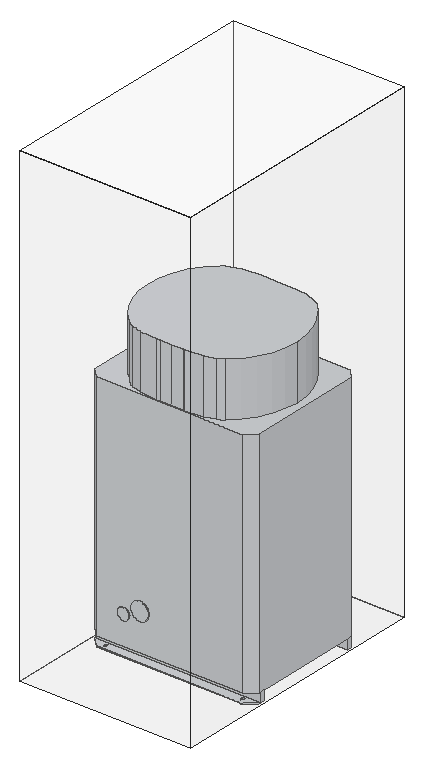
Revit family "pury-p224_1000(s)dmg9_60Hz", category 機械設備, Revit 2019
Family settings
  丸型コネクタ寸法 = 直径を使用
  パーツ タイプ = 標準
  OmniClass 番号 = 23.75.10.24.21.27.27
  OmniClass タイトル = Split System Air Conditioning Units
  作業面ベース = いいえ
  常に垂直 = はい
  ロード時にボイドで切り取り = いいえ
  共有 = いいえ
  部屋計算ポイント = いいえ
Parameters (values of type "PURY-P224DMG9_タイプA")
  風量（m3／min） = 185
  風量 = MAX風量  # 11100.0 m³/h
  音響パワーレベル(dB) = 81.5
  電源種別 = ""
  電源位置2Y（ユニット3） = 121 mm
  電源位置2Y（ユニット2） = 121 mm
  電源位置2Y（ユニット1） = 121 mm
  電源位置2X（ユニット3） = 177 mm
  電源位置2X（ユニット2） = 177 mm
  電源位置2X（ユニット1） = 177 mm
  電源位置1Z（ユニット3） = 217 mm
  電源位置1Z（ユニット2） = 217 mm
  電源位置1Z（ユニット1） = 217 mm
  電源位置1X（ユニット3） = 201 mm
  電源位置1X（ユニット2） = 201 mm
  電源位置1X（ユニット1） = 201 mm
  電圧 = 200 V
  電動機出力_送風機 = 0.92 kW
  電動機出力_圧縮機 = 4.71 kW
  集中コントローラ [instance] = ""
  運転質量 = 0.00 kg
  運転方法 = "冷暖同時"
  質量 = if(製品質量 > 運転質量, 製品質量, 運転質量) * 1.2  # 242.40 kg
  負荷分類 = 1_熱源類
  説明 = "ビル用マルチエアコン　冷暖同時R2　GR室外機"
  設計暖房能力 [instance] = 0 kW
  設計冷房能力_顕熱 [instance] = 0 kW
  設計冷房能力 [instance] = 0 kW
  設置方法 = "床置形"
  記号 [instance] = ""
  製造元 = "三菱電機株式会社"
  製品質量 = 202.00 kg
  製品出荷対象 = "国内"
  製品リリース年月 = "2024/4/26"
  製品グループ = ""
  系統 [instance] = ""
  符号 = "EHP"
  積算_科目 = "1 空気調和設備"
  積算_拾い区分 [instance] = ""
  相 = 3
  盤記号 [instance] = ""
  発停方法 = "付属スイッチ"
  特殊仕様 [instance] = ""
  消費電力_暖房 = 6.51 kW
  消費電力_冷房 = 6.49 kW
  消費電力 = if(消費電力_冷房 > 消費電力_暖房, 消費電力_冷房, 消費電力_暖房)  # 6.51 kW
  法定耐用年数 = "15"
  極数 = 3
  材質 [instance] = ""
  本体マテリアル = none
  最小電線太さ_mm2 = 8
  最大電流値 = 28.4 A
  暖房能力 = 25 kW
  推奨ブレーカー容量 = 40 A
  据付ピッチ1 = 0 mm
  形式 = "マルチパッケージ形 室外機"
  幹線記号 [instance] = ""
  始動方式 = ""
  呼称 = "マルチパッケージ形空気調和機"
  周波数 = 60 Hz
  参照している仕様書等のバージョン = "公共建築工事標準仕様書（機械設備工事編）平成31年度版"
  分類コード = "50053003300020"
  分類グループ = ""
  冷房能力 = 22.4 kW
  冷媒管（液）位置2 (ユニット3) = 146 mm
  冷媒管（液）位置2 (ユニット2) = 146 mm
  冷媒管（液）位置1 (ユニット3） = 251 mm
  冷媒管（ガス）位置2 (ユニット3) = 146 mm
  冷媒管（ガス）位置2 (ユニット2) = 146 mm
  冷媒管（ガス）位置1 (ユニット3) = 83 mm
  冷媒管（ガス）位置1 (ユニット1) = 83 mm
  冷媒管（液）位置1 (ユニット1) = 251 mm
  冷媒管（液）位置2 (ユニット1) = 146 mm
  冷媒管（ガス）位置2 (ユニット1) = 146 mm
  冷媒管（ガス）位置1 (ユニット2) = 83 mm
  冷媒管（液）位置1 (ユニット2） = 251 mm
  冷媒管長 [instance] = 0 mm
  冷媒管径符号 = "De"
  冷媒管径3 = 100.00 mm
  冷媒管径2 = 100.00 mm
  冷媒管径 = 100.00 mm
  冷媒管位置3 (ユニット3) = 262 mm
  冷媒管位置3 (ユニット2) = 262 mm
  冷媒管位置3 (ユニット1) = 262 mm
  冷媒管位置2 (ユニット3) = 146 mm
  冷媒管位置2 (ユニット2) = 146 mm
  冷媒管位置1 (ユニット2) = 292.5 mm
  冷媒管位置2 (ユニット1) = 146 mm
  冷媒管位置1 (ユニット3) = 292.5 mm
  冷媒管位置1 (ユニット1) = 292.5 mm
  冷媒液管径3 = 15.88 mm
  冷媒液管径2 = 15.88 mm
  冷媒液管径 = 15.88 mm
  冷媒ガス管径3 = 19.05 mm
  冷媒ガス管径2 = 19.05 mm
  冷媒ガス管径 = 19.05 mm
  企業コード = "108420"
  付属品 [instance] = ""
  仕様書バージョン = "Version1.0"
  ユニット隙間 = if(サービススペース_タイプA, 30 mm, 100 mm)  # 30 mm
  ユニット数 = 1
  ユニットタイプ3 = 筐体モジュール（R2標準） : 224筐体
  ユニットタイプ2 = 筐体モジュール（R2標準） : 224筐体
  ユニットタイプ1 = 筐体モジュール（R2標準） : 224筐体
  ユニット3_S = no
  ユニット3_L = no
  ユニット3 = no
  ユニット2_S = no
  ユニット2_L = no
  ユニット2 = no
  ユニット1_S = no
  ユニット1_L = no
  モデル = "PURY-P224DMG9"
  ドレン管径 = 0.00 mm
  サービススペース_タイプA = yes
  サービススペース = yes
  コメント [instance] = ""
  ケーブル種類 = ""
  アンカーボルト位置Y（ユニット3） = 681 mm
  アンカーボルト位置Y（ユニット2） = 681 mm
  アンカーボルト位置Y（ユニット1） = 681 mm
  アンカーボルト位置X（ユニット3） = 760 mm
  アンカーボルト位置X（ユニット2） = 760 mm
  アンカーボルト位置X（ユニット1） = 760 mm
  Width3 = 920 mm
  Width2 = 920 mm
  Width1 = 920 mm
  Width = if(ユニット3, Width1 + Width2 + Width3 + 2 * ユニット隙間, if(ユニット2, Width1 + Width2 + 1 * ユニット隙間, Width1))  # 920 mm
  Version = ""
  Uniclass2015Version = "Systems v1.9"
  Uniclass2015Title = "Split coil remote air cooled condensing units"
  Uniclass2015Code = "Pr_70_65_03_84"
  URL = "https://www.mitsubishielectric.co.jp/ldg/wink/ssl/displayProduct.do?pid=332014"
  SpecificationReference = ""
  SpecificationDescription = ""
  Revision = ""
  ProductInformation = ""
  OmniClassCode = "23-75 10 24 21 27 27"
  OUTLINE2 = outline : outline_S
  OUTLINE1 = outline : outline_S
  MAX風量 = 風量（m3／min） * 60.0 m³/h  # 11100.0 m³/h
  IfcTypeProduct = ""
  IfcProduct = ""
  IfcExportType = "AIRCONDITIONINGUNIT"
  IfcExportAs = "IfcUnitaryEquipmentType"
  Height = 1650 mm
  Depth = 740 mm
  Clearance Top [instance] = if(サービススペース_タイプA, 1000 mm, 1000 mm)  # 1000 mm
  Clearance Right [instance] = if(サービススペース_タイプA, 15 mm, 50 mm)  # 15 mm
  Clearance Left [instance] = if(サービススペース_タイプA, 15 mm, 50 mm)  # 15 mm
  Clearance Front [instance] = if(サービススペース_タイプA, 450 mm, 450 mm)  # 450 mm
  Clearance Back [instance] = if(サービススペース_タイプA, 300 mm, 100 mm)  # 300 mm
  COP = 0
  Author = "三菱電機株式会社"
  APF = 0
Reference planes
  plane 1 "中心(正面/背面)": y = 0
  plane 2: z = 0
  plane 3 "中心(左/右)": x = 2230
  plane 4 "右": x = 2690
  plane 5 "左": x = 1770
  plane 6 "背面": y = 370
  plane 7 "正面": y = -370
  plane 8: z = 1347
  plane 9 "上部": z = 1650
  plane 10 "Clearanse Top": z = 2650
  plane 11: x = 162.5
  plane 12 "冷媒操作弁ガス芯2": y = -224
  plane 13 "冷媒操作弁液芯2": y = -224
  plane 14 "SS_back": y = 670
  plane 15 "SS_front": y = -820
  plane 16 "SS_left": x = 1755
  plane 17 "SS_right": x = 2705
  plane 18: x = 790
  plane 19: x = 820
  plane 20: x = 1740
  plane 21: x = 1770
  plane 22: x = -130
  plane 23: x = 1112.5
  plane 24: x = 2062.5
  plane 25: x = 330
  plane 26: x = 1280
  plane 27: x = 2230
  plane 28: z = 53
  plane 29: z = 262
  plane 30: y = -224
  plane 31: z = 54
  plane 32: z = 262
  plane 33: z = 262
  plane 34: x = 997
  plane 35: x = 1947
  plane 36: x = 1021
  plane 37: x = 1971
  plane 38: y = -249
  plane 39: y = -249
  plane 40: y = -249
  plane 41: z = 217
  plane 42: z = 217
  plane 43: z = 217
Forms (mm)
  Extrusion 1, solid, detail levels fine
    sketch origin (0, -370, 0) x (1, 0, 0) y (0, 0, 1)
      loop
        circle (2062.5, 262) r 50
    from 0 to 1
  Extrusion 2, solid, visible <- "ユニット2", detail levels fine
    sketch origin (0, -370, 0) x (1, 0, 0) y (0, 0, 1)
      loop
        circle (1112.5, 262) r 50
    from 0 to 1
  Extrusion 3, solid, detail levels fine
    sketch origin (-1437.329, -1524, 54) x (-1, 0, 0) y (0, -1, 0)
      loop
        circle (-3499.829, -1300) r 50
    from 0 to -1
  Extrusion 4, solid, visible <- "ユニット2", detail levels fine
    sketch origin (-1437.329, -1524, 54) x (-1, 0, 0) y (0, -1, 0)
      loop
        circle (-2549.829, -1300) r 50
    from 0 to -1
  Extrusion 5, solid, detail levels fine
    sketch origin (-1437.329, -1524, 54) x (-1, 0, 0) y (0, -1, 0)
      loop
        circle (-3384.329, -1275) r 32.5
    from -1 to 0
  Extrusion 6, solid, visible <- "ユニット2", detail levels fine
    sketch origin (-1437.329, -1524, 54) x (-1, 0, 0) y (0, -1, 0)
      loop
        circle (-2434.329, -1275) r 32.5
    from -1 to 0
  Extrusion 7, solid, detail levels fine
    sketch origin (0, -370, 0) x (1, 0, 0) y (0, 0, 1)
      loop
        circle (1971, 217) r 32.5
    from 0 to 1
  Extrusion 8, solid, visible <- "ユニット2", detail levels fine
    sketch origin (0, -370, 0) x (1, 0, 0) y (0, 0, 1)
      loop
        circle (1021, 217) r 32.5
    from 0 to 1
Lines and regions (mm)
  model lines, not visible
    curve 1: line (460, 178.667, 1289.179) -> (460, 297.73, 1289.179)
    curve 2: line (460, 178.667, 1056.056) -> (460, 178.667, 1289.179)
    curve 3: line (460, 297.73, 1056.056) -> (460, 178.667, 1056.056)
    curve 4: line (460, 297.73, 1289.179) -> (460, 297.73, 1056.056)
    curve 5: line (460, 47.598, 1289.179) -> (460, 166.661, 1289.179)
    curve 6: line (460, 47.598, 1056.056) -> (460, 47.598, 1289.179)
    curve 7: line (460, 166.661, 1056.056) -> (460, 47.598, 1056.056)
    curve 8: line (460, 166.661, 1289.179) -> (460, 166.661, 1056.056)
    curve 9: line (460, -83.471, 1289.179) -> (460, 35.592, 1289.179)
    curve 10: line (460, -83.471, 1056.056) -> (460, -83.471, 1289.179)
    curve 11: line (460, 35.592, 1056.056) -> (460, -83.471, 1056.056)
    curve 12: line (460, 35.592, 1289.179) -> (460, 35.592, 1056.056)
    curve 13: line (460, -150.779, 1289.179) -> (460, -95.75, 1289.179)
    curve 14: line (460, -150.779, 1056.056) -> (460, -150.779, 1289.179)
    curve 15: line (460, -95.75, 1056.056) -> (460, -150.779, 1056.056)
    curve 16: line (460, -95.75, 1289.179) -> (460, -95.75, 1056.056)
    curve 17: line (460, -150.779, 1283.175) -> (460, -132.596, 1283.175)
    curve 18: line (460, -150.779, 1062.059) -> (460, -150.779, 1283.175)
    curve 19: line (460, -132.596, 1062.059) -> (460, -150.779, 1062.059)
    curve 20: line (460, -132.596, 1283.175) -> (460, -132.596, 1062.059)
    curve 21: line (460, 178.667, 1046.051) -> (460, 297.73, 1046.051)
    curve 22: line (460, 178.667, 812.928) -> (460, 178.667, 1046.051)
    curve 23: line (460, 297.73, 812.928) -> (460, 178.667, 812.928)
    curve 24: line (460, 297.73, 1046.051) -> (460, 297.73, 812.928)
    curve 25: line (460, 47.598, 1046.051) -> (460, 166.661, 1046.051)
    curve 26: line (460, 47.598, 812.928) -> (460, 47.598, 1046.051)
    curve 27: line (460, 166.661, 812.928) -> (460, 47.598, 812.928)
    curve 28: line (460, 166.661, 1046.051) -> (460, 166.661, 812.928)
    curve 29: line (460, -83.471, 1046.051) -> (460, 35.592, 1046.051)
    curve 30: line (460, -83.471, 812.928) -> (460, -83.471, 1046.051)
    curve 31: line (460, 35.592, 812.928) -> (460, -83.471, 812.928)
    curve 32: line (460, 35.592, 1046.051) -> (460, 35.592, 812.928)
    curve 33: line (460, -150.779, 1046.051) -> (460, -95.75, 1046.051)
    curve 34: line (460, -150.779, 812.928) -> (460, -150.779, 1046.051)
    curve 35: line (460, -95.75, 812.928) -> (460, -150.779, 812.928)
    curve 36: line (460, -95.75, 1046.051) -> (460, -95.75, 812.928)
    curve 37: line (460, -150.779, 1040.048) -> (460, -132.596, 1040.048)
    curve 38: line (460, -150.779, 818.931) -> (460, -150.779, 1040.048)
    curve 39: line (460, -132.596, 818.931) -> (460, -150.779, 818.931)
    curve 40: line (460, -132.596, 1040.048) -> (460, -132.596, 818.931)
    curve 41: line (460, 178.667, 802.923) -> (460, 297.73, 802.923)
    curve 42: line (460, 178.667, 569.8) -> (460, 178.667, 802.923)
    curve 43: line (460, 297.73, 569.8) -> (460, 178.667, 569.8)
    curve 44: line (460, 297.73, 802.923) -> (460, 297.73, 569.8)
    curve 45: line (460, 47.598, 802.923) -> (460, 166.661, 802.923)
    curve 46: line (460, 47.598, 569.8) -> (460, 47.598, 802.923)
    curve 47: line (460, 166.661, 569.8) -> (460, 47.598, 569.8)
    curve 48: line (460, 166.661, 802.923) -> (460, 166.661, 569.8)
    curve 49: line (460, -83.471, 802.923) -> (460, 35.592, 802.923)
    curve 50: line (460, -83.471, 569.8) -> (460, -83.471, 802.923)
    curve 51: line (460, 35.592, 569.8) -> (460, -83.471, 569.8)
    curve 52: line (460, 35.592, 802.923) -> (460, 35.592, 569.8)
    curve 53: line (460, -150.779, 802.923) -> (460, -95.75, 802.923)
    curve 54: line (460, -150.779, 569.8) -> (460, -150.779, 802.923)
    curve 55: line (460, -95.75, 569.8) -> (460, -150.779, 569.8)
    curve 56: line (460, -95.75, 802.923) -> (460, -95.75, 569.8)
    curve 57: line (460, -150.779, 796.92) -> (460, -132.596, 796.92)
    curve 58: line (460, -150.779, 575.803) -> (460, -150.779, 796.92)
    curve 59: line (460, -132.596, 575.803) -> (460, -150.779, 575.803)
    curve 60: line (460, -132.596, 796.92) -> (460, -132.596, 575.803)
    curve 61: line (460, 178.667, 559.795) -> (460, 297.73, 559.795)
    curve 62: line (460, 178.667, 326.672) -> (460, 178.667, 559.795)
    curve 63: line (460, 297.73, 326.672) -> (460, 178.667, 326.672)
    curve 64: line (460, 297.73, 559.795) -> (460, 297.73, 326.672)
    curve 65: line (460, 47.598, 559.795) -> (460, 166.661, 559.795)
    curve 66: line (460, 47.598, 326.672) -> (460, 47.598, 559.795)
    curve 67: line (460, 166.661, 326.672) -> (460, 47.598, 326.672)
    curve 68: line (460, 166.661, 559.795) -> (460, 166.661, 326.672)
    curve 69: line (460, -83.471, 559.795) -> (460, 35.592, 559.795)
    curve 70: line (460, -83.471, 326.672) -> (460, -83.471, 559.795)
    curve 71: line (460, 35.592, 326.672) -> (460, -83.471, 326.672)
    curve 72: line (460, 35.592, 559.795) -> (460, 35.592, 326.672)
    curve 73: line (460, -150.779, 559.795) -> (460, -95.75, 559.795)
    curve 74: line (460, -150.779, 326.672) -> (460, -150.779, 559.795)
    curve 75: line (460, -95.75, 326.672) -> (460, -150.779, 326.672)
    curve 76: line (460, -95.75, 559.795) -> (460, -95.75, 326.672)
    curve 77: line (460, -150.779, 553.792) -> (460, -132.596, 553.792)
    curve 78: line (460, -150.779, 332.675) -> (460, -150.779, 553.792)
    curve 79: line (460, -132.596, 332.675) -> (460, -150.779, 332.675)
    curve 80: line (460, -132.596, 553.792) -> (460, -132.596, 332.675)
    curve 81: line (460, 178.667, 316.667) -> (460, 297.73, 316.667)
    curve 82: line (460, 178.667, 83.544) -> (460, 178.667, 316.667)
    curve 83: line (460, 297.73, 83.544) -> (460, 178.667, 83.544)
    curve 84: line (460, 297.73, 316.667) -> (460, 297.73, 83.544)
    curve 85: line (460, 47.598, 316.667) -> (460, 166.661, 316.667)
    curve 86: line (460, 47.598, 83.544) -> (460, 47.598, 316.667)
    curve 87: line (460, 166.661, 83.544) -> (460, 47.598, 83.544)
    curve 88: line (460, 166.661, 316.667) -> (460, 166.661, 83.544)
    curve 89: line (460, -83.471, 316.667) -> (460, 35.592, 316.667)
    curve 90: line (460, -83.471, 83.544) -> (460, -83.471, 316.667)
    curve 91: line (460, 35.592, 83.544) -> (460, -83.471, 83.544)
    curve 92: line (460, 35.592, 316.667) -> (460, 35.592, 83.544)
    curve 93: line (460, -150.779, 316.667) -> (460, -95.75, 316.667)
    curve 94: line (460, -150.779, 83.544) -> (460, -150.779, 316.667)
    curve 95: line (460, -95.75, 83.544) -> (460, -150.779, 83.544)
    curve 96: line (460, -95.75, 316.667) -> (460, -95.75, 83.544)
    curve 97: line (460, -150.779, 310.664) -> (460, -132.596, 310.664)
    curve 98: line (460, -150.779, 89.547) -> (460, -150.779, 310.664)
    curve 99: line (460, -132.596, 89.547) -> (460, -150.779, 89.547)
    curve 100: line (460, -132.596, 310.664) -> (460, -132.596, 89.547)
Dimensions and locks
  plane 8 to level = 1347 mm
  equal spacing: plane 7 "正面", plane 1 "中心(正面/背面)", plane 6 "背面", locked at 370 each
  "Depth": plane 7 "正面" to plane 6 "背面"
  "Width": plane 5 "左" to plane 4 "右"
  equal spacing: plane 5 "左", plane 3 "中心(左/右)", plane 4 "右"
  "冷媒管位置2 (ユニット3)": plane 7 "正面" to plane 13 "冷媒操作弁液芯2"
  "冷媒管位置2 (ユニット2)": plane 7 "正面" to plane 12 "冷媒操作弁ガス芯2"
  "Clearance Left": plane 16 "SS_left" to plane 5 "左"
  "Clearance Right": plane 4 "右" to plane 17 "SS_right"
  "Clearance Back": plane 6 "背面" to plane 14 "SS_back"
  "Clearance Front": plane 15 "SS_front" to plane 7 "正面"
  "Clearance Top": plane 10 "Clearanse Top" to plane 9 "上部"
  "Height": plane 9 "上部" to plane 2
  plane 9 "上部" to plane 8 = 303 mm
  "ユニット隙間": plane 18 to plane 19
  "Width2": plane 19 to plane 20
  "ユニット隙間": plane 20 to plane 21
  "Width3": plane 22 to plane 18
  "Width1": plane 21 to plane 4 "右"
  "冷媒管位置1 (ユニット2)": plane 19 to plane 23
  "冷媒管位置1 (ユニット1)": plane 21 to plane 24
  "冷媒管位置1 (ユニット3)": plane 22 to plane 11
  equal spacing: plane 22, plane 25, plane 18
  equal spacing: plane 19, plane 26, plane 20
  equal spacing: plane 21, plane 27, plane 4 "右"
  "冷媒管位置2 (ユニット1)": plane 7 "正面" to plane 30
  plane 31 to level = 54 mm
  "冷媒管位置3 (ユニット1)": plane 29 to level
  locked: plane 31 to plane 28 at 1
  "冷媒管位置3 (ユニット2)": plane 32 to level
  "冷媒管位置3 (ユニット3)": plane 33 to level
  "電源位置2X（ユニット2）": plane 19 to plane 34
  "電源位置2X（ユニット1）": plane 21 to plane 35
  "電源位置2Y（ユニット1）": plane 7 "正面" to plane 38
  "電源位置2Y（ユニット2）": plane 7 "正面" to plane 39
  "電源位置2Y（ユニット3）": plane 7 "正面" to plane 40
  "電源位置1X（ユニット1）": plane 37 to plane 21
  "電源位置1X（ユニット2）": plane 36 to plane 19
  "電源位置1Z（ユニット1）": plane 43 to level
  "電源位置1Z（ユニット2）": plane 42 to level
  "電源位置1Z（ユニット3）": plane 41 to level
  "冷媒管径": diameter of Extrusion 1 sketch curve
  "冷媒管径2": diameter of Extrusion 2 sketch curve
  "冷媒管径": diameter of Extrusion 3 sketch curve
  "冷媒管径2": diameter of Extrusion 4 sketch curve
  radius of Extrusion 5 sketch curve = 32.5 mm
  radius of Extrusion 6 sketch curve = 32.5 mm
  radius of Extrusion 7 sketch curve = 32.5 mm
  radius of Extrusion 8 sketch curve = 32.5 mm
  aligned and locked: level to plane 2
  aligned and locked: plane 14 "SS_back" to nested 1  (x2)
  aligned and locked: plane 17 "SS_right" to nested 1
  aligned and locked: plane 16 "SS_left" to nested 1  (x2)
  aligned and locked: nested 1 to plane 17 "SS_right"
  aligned and locked: plane 15 "SS_front" to nested 1
  aligned and locked: plane 1 "中心(正面/背面)" to nested 2
  aligned and locked: plane 10 "Clearanse Top" to nested 1
  aligned and locked: nested 1 to plane 2
  aligned and locked: plane 25 to nested 2
  aligned and locked: plane 29 to Extrusion 1 sketch curve
  aligned and locked: plane 24 to Extrusion 1 sketch curve
  aligned and locked: plane 23 to Extrusion 2 sketch curve
  aligned and locked: plane 30 to Extrusion 3 sketch curve
  aligned and locked: plane 24 to Extrusion 3 sketch curve
  aligned and locked: plane 12 "冷媒操作弁ガス芯2" to Extrusion 4 sketch curve
  aligned and locked: plane 23 to Extrusion 4 sketch curve
  aligned and locked: plane 32 to Extrusion 2 sketch curve
  aligned and locked: plane 35 to Extrusion 5 sketch curve
  aligned and locked: plane 38 to Extrusion 5 sketch curve
  aligned and locked: plane 34 to Extrusion 6 sketch curve
  aligned and locked: plane 39 to Extrusion 6 sketch curve
  aligned and locked: plane 31 to Extrusion 5
  aligned and locked: Extrusion 5 to plane 28
  aligned and locked: plane 31 to Extrusion 6
  aligned and locked: Extrusion 6 to plane 28
  aligned and locked: plane 37 to Extrusion 7 sketch curve
  aligned and locked: plane 43 to Extrusion 7 sketch curve
  aligned and locked: plane 36 to Extrusion 8 sketch curve
  aligned and locked: plane 42 to Extrusion 8 sketch curve
  aligned and locked: Extrusion 7 to plane 7 "正面"
  aligned and locked: Extrusion 7 to Extrusion 1
  aligned and locked: Extrusion 8 to plane 7 "正面"
  aligned and locked: Extrusion 8 to Extrusion 2
  aligned and locked: plane 27 to nested 4
  aligned and locked: plane 26 to nested 5
  aligned and locked: plane 27 to nested 6
  aligned and locked: plane 26 to nested 3
Nested families
  nested 1: "サービススペース" at (2230, -75, 1325), visible <- "サービススペース", type "サービススペース"
    with Width 950 mm, Height 2650 mm, Depth 1490 mm
  nested 2: "筐体モジュール（R2標準）" at (330, 0, 0), 冷媒ガス管径 <- "冷媒ガス管径3", 冷媒液管径 <- "冷媒液管径3", Width <- "Width3", Depth <- "Depth", Height <- "Height", type <- "ユニットタイプ3", 冷媒管径 <- "冷媒管径3", 冷媒管径_Z <- "冷媒管位置3 (ユニット3)", ユニット2 <- "ユニット3", type "224筐体"
    with 冷媒管径_Z 262 mm, 冷媒管径_Y 146 mm, 冷媒管径_X 292.5 mm, 冷媒管径 100 mm, 冷媒液管径 15.88 mm, 冷媒液_Z 262 mm, 冷媒液_Y 146 mm, 冷媒ガス管径 19.05 mm, 冷媒ガス_Z 262 mm, 冷媒ガス_Y 146 mm, ユニット234X no, ユニット2 no, Width 920 mm, Height 1650 mm, Depth 740 mm
  nested 3: "筐体モジュール（R2標準）" at (1280, 0, 0), type <- "ユニットタイプ2", ユニット2 <- "ユニット2", Width <- "Width2", 冷媒管径_X <- "冷媒管位置1 (ユニット2)", 冷媒ガス管径 <- "冷媒ガス管径2", 冷媒液管径 <- "冷媒液管径2", type "224筐体"
    with 冷媒管径_Z 262 mm, 冷媒管径_Y 146 mm, 冷媒管径_X 292.5 mm, 冷媒管径 100 mm, 冷媒液管径 15.88 mm, 冷媒液_Z 262 mm, 冷媒液_Y 146 mm, 冷媒ガス管径 19.05 mm, 冷媒ガス_Z 262 mm, 冷媒ガス_Y 146 mm, ユニット234X no, ユニット2 no, Width 920 mm, Height 1650 mm, Depth 740 mm
  nested 4: "outline" at (2230, 0, 0), type <- "OUTLINE1", type "outline_S", detail levels coarse+medium
    with ユニット4X no, ユニット2 yes, Width 920 mm, Height 1650 mm, Depth 740 mm
  nested 5: "outline" at (1280, 0, 0), type <- "OUTLINE2", ユニット2 <- "ユニット2", type "outline_S", not visible, detail levels fine
    with ユニット4X no, ユニット2 no, Width 920 mm, Height 1650 mm, Depth 740 mm
  nested 6: "筐体モジュール（R2標準）" at (2230, 0, 0), Width <- "Width1", 冷媒管径_X <- "冷媒管位置1 (ユニット1)", type <- "ユニットタイプ1", 冷媒液管径 <- "冷媒液管径", 冷媒ガス管径 <- "冷媒ガス管径", type "224筐体"
    with 冷媒管径_Z 262 mm, 冷媒管径_Y 146 mm, 冷媒管径_X 292.5 mm, 冷媒管径 100 mm, 冷媒液管径 15.88 mm, 冷媒液_Z 262 mm, 冷媒液_Y 146 mm, 冷媒ガス管径 19.05 mm, 冷媒ガス_Z 262 mm, 冷媒ガス_Y 146 mm, ユニット234X yes, ユニット2 yes, Width 920 mm, Height 1650 mm, Depth 740 mm
Connectors
  piping at (2062.5, -224, 53), diameter 100, driven by "冷媒管径", driven by "冷媒管径符号"
    settings: on Extrusion 3, index 7, connector inside diameter 609.60 mm, connector length 0 mm, flow factor 0, pipe flow 0.0 L/s, pressure drop 0.0 Pa, fitting loss kfactor 0, connector angle 0.00°, fixture units 0, engagement length 0 mm, angle of deflection 0.00°, flow configuration 1, flow direction 2, fitting loss method 4, system type 7, joint type 0, gender type 0, connector reference index -1, connector utility 0, adjustable connector no, is connector primary yes, connector description "De"
  piping at (1112.5, -224, 53), diameter 100, driven by "冷媒管径2", driven by "冷媒管径符号"
    settings: on Extrusion 4, index 8, connector inside diameter 609.60 mm, connector length 0 mm, flow factor 0, pipe flow 0.0 L/s, pressure drop 0.0 Pa, fitting loss kfactor 0, connector angle 0.00°, fixture units 0, engagement length 0 mm, angle of deflection 0.00°, flow configuration 1, flow direction 2, fitting loss method 4, system type 7, joint type 0, gender type 0, connector reference index -1, connector utility 0, adjustable connector no, is connector primary no, connector description "De"
  piping at (1112.5, -371, 262), diameter 100, driven by "冷媒管径2", driven by "冷媒管径符号"
    settings: on Extrusion 2, index 10, connector inside diameter 609.60 mm, connector length 0 mm, flow factor 0, pipe flow 0.0 L/s, pressure drop 0.0 Pa, fitting loss kfactor 0, connector angle 0.00°, fixture units 0, engagement length 0 mm, angle of deflection 0.00°, flow configuration 1, flow direction 2, fitting loss method 4, system type 7, joint type 0, gender type 0, connector reference index -1, connector utility 0, adjustable connector no, is connector primary no, connector description "De"
  piping at (2062.5, -371, 262), diameter 100, driven by "冷媒管径", driven by "冷媒管径符号"
    settings: on Extrusion 1, index 11, connector inside diameter 609.60 mm, connector length 0 mm, flow factor 0, pipe flow 0.0 L/s, pressure drop 0.0 Pa, fitting loss kfactor 0, connector angle 0.00°, fixture units 0, engagement length 0 mm, angle of deflection 0.00°, flow configuration 1, flow direction 2, fitting loss method 4, system type 7, joint type 0, gender type 0, connector reference index -1, connector utility 0, adjustable connector no, is connector primary no, connector description "De"
  electrical at (1971, -371, 217), driven by "極数", driven by "電圧", driven by "消費電力", driven by "負荷分類"
    settings: on Extrusion 7, index 12, voltage 200 V, apparent load 6510 VA, apparent load phase1 0 VA, apparent load phase2 0 VA, apparent load phase3 0 VA, power factor 1, load classification "1_熱源類", number of poles 3, system type 30, power factor state 1, is connector primary yes, connector utility no, sub classification motor no, connector description ""
  electrical at (1021, -371, 217), driven by "極数", driven by "電圧", driven by "消費電力", driven by "負荷分類"
    settings: on Extrusion 8, index 13, voltage 200 V, apparent load 6510 VA, apparent load phase1 0 VA, apparent load phase2 0 VA, apparent load phase3 0 VA, power factor 1, load classification "1_熱源類", number of poles 3, system type 30, power factor state 1, is connector primary no, connector utility no, sub classification motor no, connector description ""
  electrical at (1947, -249, 53), driven by "極数", driven by "電圧", driven by "消費電力", driven by "負荷分類"
    settings: on Extrusion 5, index 14, voltage 200 V, apparent load 6510 VA, apparent load phase1 0 VA, apparent load phase2 0 VA, apparent load phase3 0 VA, power factor 1, load classification "1_熱源類", number of poles 3, system type 30, power factor state 1, is connector primary no, connector utility no, sub classification motor no, connector description ""
  electrical at (997, -249, 53), driven by "極数", driven by "電圧", driven by "消費電力", driven by "負荷分類"
    settings: on Extrusion 6, index 15, voltage 200 V, apparent load 6510 VA, apparent load phase1 0 VA, apparent load phase2 0 VA, apparent load phase3 0 VA, power factor 1, load classification "1_熱源類", number of poles 3, system type 30, power factor state 1, is connector primary no, connector utility no, sub classification motor no, connector description ""
Definition of nested family "サービススペース"
  Parameters (values of type "サービススペース")
    Width [instance] = 500 mm
    Height [instance] = 500 mm
    Depth [instance] = 500 mm
  Reference planes
    plane 1 "中心(正面/背面)": y = 0
    plane 2: z = 0
    plane 3 "中心(左/右)": x = 0
    plane 4: y = -250
    plane 5: x = 250
    plane 6: y = 250
    plane 7: x = -250
    plane 8: z = 250
    plane 9: z = -250
  Forms (mm)
    Extrusion 1, solid
      sketch origin (-638.939, 0, 72.39) x (1, 0, 0) y (0, 1, 0)
        loop
          line (388.939, 250) -> (388.939, -250) -> (888.939, -250) -> (888.939, 250) -> (388.939, 250)
      from -322.39 to 177.61
  Lines and regions (mm)
    symbolic lines
      curve 1: line (-250, 0, 250) -> (250, 0, 250)
      curve 2: line (-250, 0, -250) -> (-250, 0, 250)
      curve 3: line (250, 0, -250) -> (-250, 0, -250)
      curve 4: line (250, 0, 250) -> (250, 0, -250)
      curve 5: line (0, -250, 250) -> (0, 250, 250)
      curve 6: line (0, -250, -250) -> (0, -250, 250)
      curve 7: line (0, 250, -250) -> (0, -250, -250)
      curve 8: line (0, 250, 250) -> (0, 250, -250)
      curve 9: line (-250, 250, 0) -> (250, 250, 0)
      curve 10: line (-250, -250, 0) -> (-250, 250, 0)
      curve 11: line (250, -250, 0) -> (-250, -250, 0)
      curve 12: line (250, 250, 0) -> (250, -250, 0)
  Dimensions and locks
    equal spacing: plane 7, plane 3 "中心(左/右)", plane 5
    equal spacing: plane 4, plane 1 "中心(正面/背面)", plane 6
    "Depth": plane 4 to plane 6
    "Width": plane 7 to plane 5
    equal spacing: plane 8, plane 2, plane 9
    "Height": plane 8 to plane 9
    aligned and locked: plane 9 to curve 3
    aligned and locked: plane 7 to curve 2
    aligned and locked: curve 4 to plane 5
    aligned and locked: plane 5 to Extrusion 1
    aligned and locked: Extrusion 1 to plane 7
    aligned and locked: Extrusion 1 to plane 9
    aligned and locked: plane 8 to Extrusion 1
    aligned and locked: plane 9 to curve 7
  Automatic sketch dimensions
    plane 4 to Extrusion 1 sketch curve = 0 mm
    Extrusion 1 sketch curve to plane 7 = 0 mm
    Extrusion 1 sketch curve to plane 5 = 0 mm
    plane 6 to Extrusion 1 sketch curve = 0 mm
    curve 2 to plane 8 = 0 mm
    plane 4 to curve 11 = 0 mm
    curve 11 to plane 7 = 0 mm
    curve 11 to plane 5 = 0 mm
    plane 6 to curve 10 = 0 mm
    curve 7 to plane 4 = 0 mm
    curve 7 to plane 6 = 0 mm
    curve 6 to plane 8 = 0 mm
Definition of nested family "筐体モジュール（R2標準）"
  Parameters (values of type "280筐体")
    冷媒管径_Z [instance] = 262 mm
    冷媒管径_Y [instance] = 146 mm
    冷媒管径_X [instance] = 292.5 mm
    冷媒管径 [instance] = 100 mm
    冷媒液管径 [instance] = 19.05 mm
    冷媒液_Z [instance] = 262 mm
    冷媒液_Y [instance] = 146 mm
    冷媒液_X = 251 mm
    冷媒ガス管径 [instance] = 22.2 mm
    冷媒ガス_Z [instance] = 262 mm
    冷媒ガス_Y [instance] = 146 mm
    冷媒ガス_X = 83 mm
    ユニット234X [instance] = and(ユニット2, or(Width = 920 mm, Width = 1220 mm))  # yes
    ユニット2 [instance] = yes
    Width [instance] = 920 mm
    W = 920 mm
    Height [instance] = 1650 mm
    Depth [instance] = 740 mm
  Types (4, lengths in mm): name | 冷媒管径_X | 冷媒液管径 | 冷媒液_X | 冷媒ガス管径 | Width | W
    335筐体 | 342.5 | 19.05 | 301 | 22.2 | 1220 | 1220
    224筐体 | 292.5 | 15.88 | 251 | 19.05 | 920 | 920
    280筐体 | 292.5 | 19.05 | 251 | 22.2 | 920 | 920
    400筐体 | 342.5 | 19.05 | 301 | 25.4 | 1220 | 1220
  Reference planes
    plane 1 "中心(正面/背面)": y = 0
    plane 2: z = 0
    plane 3 "中心(左/右)": x = 0
    plane 4: y = -370
    plane 5: x = 460
    plane 6: y = 370
    plane 7: x = -460
    plane 8: z = 1347
    plane 9: z = 1650
    plane 10: y = -313
    plane 11: y = -293
    plane 12 "本体下部": z = 54
    plane 13: y = 370
    plane 14: y = 313
    plane 15: y = 293
    plane 16: y = 340.5
    plane 17: x = -380
    plane 18: x = 380
    plane 19: y = -340.5
    plane 20 "電源高さ": z = 262
    plane 21: x = -167.5
    plane 22 "冷媒操作弁液芯1": x = -209
    plane 23 "冷媒操作弁ガス芯1": x = -126
    plane 24 "冷媒管高さ": z = 262
    plane 25 "冷媒操作弁ガス芯4": z = 53
    plane 26: x = -460
    plane 27: x = 460
    plane 28: y = -224
    plane 29: y = -224
    plane 30: z = 262
    plane 31: y = -224
  Forms (mm)
    Extrusion 1, solid, visible <- "ユニット234X", detail levels fine
      sketch origin (0, 0, 0) x (1, 0, 0) y (0, 1, 0)
        loop
          line (-408.343, 370) -> (-460, 318.843) -> (-460, -318.843) -> (-408.343, -370) -> (408.343, -370) -> (460, -318.843) -> (460, 318.843) -> (408.343, 370) -> (-408.343, 370)
      from 54 to 1347
    Extrusion 2, solid, visible <- "ユニット234X", detail levels fine
      sketch origin (0, 0, 0) x (1, 0, 0) y (0, 1, 0)
        loop
          line (-460, -293) -> (-460, -313) -> (460, -313) -> (460, -293) -> (-460, -293)
      from 0 to 54
    Extrusion 3, solid, visible <- "ユニット234X", detail levels fine
      sketch origin (0, 0, 0) x (1, 0, 0) y (0, 1, 0)
        loop
          line (-460, 293) -> (460, 293) -> (460, 313) -> (-460, 313) -> (-460, 293)
      from 0 to 54
    Extrusion 4, solid, visible <- "ユニット234X", detail levels fine
      sketch origin (0, 0, 0) x (1, 0, 0) y (0, 1, 0)
        loop
          line (-460, 313) -> (460, 313) -> (460, 318.843) -> (408.343, 370) -> (-408.343, 370) -> (-460, 318.843) -> (-460, 313)
        loop
          arc (-373, 343.5) -> (-380, 350.5) -> (-387, 343.5) r 7
          line (-387, 343.5) -> (-387, 337.5)
          arc (-387, 337.5) -> (-380, 330.5) -> (-373, 337.5) r 7
          line (-373, 337.5) -> (-373, 343.5)
        loop
          arc (387, 343.5) -> (380, 350.5) -> (373, 343.5) r 7
          line (373, 343.5) -> (373, 337.5)
          arc (373, 337.5) -> (380, 330.5) -> (387, 337.5) r 7
          line (387, 337.5) -> (387, 343.5)
      from 0 to 2
    Extrusion 5, solid, visible <- "ユニット234X", detail levels fine
      sketch origin (0, 0, 0) x (1, 0, 0) y (0, 1, 0)
        loop
          line (-460, -313) -> (-460, -318.843) -> (-408.343, -370) -> (408.343, -370) -> (460, -318.843) -> (460, -313) -> (-460, -313)
        loop
          line (-373, -343.5) -> (-373, -337.5)
          arc (-373, -337.5) -> (-380, -330.5) -> (-387, -337.5) r 7
          line (-387, -337.5) -> (-387, -343.5)
          arc (-387, -343.5) -> (-380, -350.5) -> (-373, -343.5) r 7
        loop
          line (387, -343.5) -> (387, -337.5)
          arc (387, -337.5) -> (380, -330.5) -> (373, -337.5) r 7
          line (373, -337.5) -> (373, -343.5)
          arc (373, -343.5) -> (380, -350.5) -> (387, -343.5) r 7
      from 0 to 2
    Extrusion 6, solid, visible <- "ユニット234X", detail levels fine
      sketch origin (0, 0, 0) x (1, 0, 0) y (0, 1, 0)
        loop
          arc (-268.081, 316.106) -> (-376.101, 174.18) -> (-414.476, 0) r 414.476
          arc (-414.476, 0) -> (-376.101, -174.18) -> (-268.081, -316.106) r 414.476
          arc (-268.081, -316.106) -> (-250.84, -327.278) -> (-232.369, -336.274) r 168.924
          arc (-232.369, -336.274) -> (-204.68, -346.28) -> (-176.163, -353.601) r 308.609
          arc (-176.163, -353.601) -> (-128.058, -361) -> (-79.445, -363.367) r 468.429
          arc (-79.445, -363.367) -> (-71.906, -363.425) -> (-64.372, -363.142) r 167.153
          line (-64.372, -363.142) -> (0, -363.142) -> (64.372, -363.142)
          arc (64.372, -363.142) -> (71.906, -363.425) -> (79.445, -363.367) r 167.153
          arc (79.445, -363.367) -> (128.058, -361) -> (176.163, -353.601) r 468.429
          arc (176.163, -353.601) -> (204.68, -346.28) -> (232.369, -336.274) r 308.609
          arc (232.369, -336.274) -> (250.84, -327.278) -> (268.081, -316.106) r 168.924
          arc (268.081, -316.106) -> (376.101, -174.18) -> (414.476, 0) r 414.476
          arc (414.476, 0) -> (376.101, 174.18) -> (268.082, 316.106) r 414.476
          arc (268.082, 316.106) -> (250.84, 327.278) -> (232.369, 336.274) r 168.924
          arc (232.369, 336.274) -> (204.68, 346.28) -> (176.163, 353.601) r 308.609
          arc (176.163, 353.601) -> (128.058, 361) -> (79.445, 363.367) r 468.429
          line (79.445, 363.367) -> (0, 363.367) -> (-79.445, 363.367)
          arc (-79.445, 363.367) -> (-128.058, 361) -> (-176.163, 353.601) r 468.429
          arc (-176.163, 353.601) -> (-204.68, 346.28) -> (-232.369, 336.274) r 308.609
          arc (-232.369, 336.274) -> (-250.974, 327.516) -> (-268.081, 316.106) r 138.853
      from 1347 to 1650
    Extrusion 7, solid, visible <- "ユニット234X", detail levels fine
      sketch origin (0, 0, 0) x (1, 0, 0) y (0, 1, 0)
        loop
          circle (-167.5, -224) r 50
      from 53 to 54
    Extrusion 8, solid, visible <- "ユニット234X", detail levels fine
      sketch origin (0, 0, 0) x (1, 0, 0) y (0, 1, 0)
        loop
          circle (-209, -224) r 9.525
      from 53 to 54
    Extrusion 9, solid, visible <- "ユニット234X", detail levels fine
      sketch origin (0, 0, 0) x (1, 0, 0) y (0, 1, 0)
        loop
          circle (-126, -224) r 11.1
      from 53 to 54
  Lines and regions (mm)
    Masking region 1, visible <- "ユニット234X", detail levels coarse+medium
      outline origin (0, 0, 0) x (1, 0, 0) y (0, 1, 0)
        loop
          line (-408.343, 370) -> (-460, 318.843) -> (-460, -318.843) -> (-408.343, -370) -> (408.343, -370) -> (460, -318.843) -> (460, 318.843) -> (408.343, 370) -> (-408.343, 370)
    model lines, visible <- "ユニット234X", detail levels fine
      curve 1: line (460, 178.667, 1289.179) -> (460, 297.73, 1289.179)
      curve 2: line (460, 178.667, 1056.056) -> (460, 178.667, 1289.179)
      curve 3: line (460, 297.73, 1056.056) -> (460, 178.667, 1056.056)
      curve 4: line (460, 297.73, 1289.179) -> (460, 297.73, 1056.056)
      curve 5: line (460, 47.598, 1289.179) -> (460, 166.661, 1289.179)
      curve 6: line (460, 47.598, 1056.056) -> (460, 47.598, 1289.179)
      curve 7: line (460, 166.661, 1056.056) -> (460, 47.598, 1056.056)
      curve 8: line (460, 166.661, 1289.179) -> (460, 166.661, 1056.056)
      curve 9: line (460, -83.471, 1289.179) -> (460, 35.592, 1289.179)
      curve 10: line (460, -83.471, 1056.056) -> (460, -83.471, 1289.179)
      curve 11: line (460, 35.592, 1056.056) -> (460, -83.471, 1056.056)
      curve 12: line (460, 35.592, 1289.179) -> (460, 35.592, 1056.056)
      curve 13: line (460, -150.779, 1289.179) -> (460, -95.75, 1289.179)
      curve 14: line (460, -150.779, 1056.056) -> (460, -150.779, 1289.179)
      curve 15: line (460, -95.75, 1056.056) -> (460, -150.779, 1056.056)
      curve 16: line (460, -95.75, 1289.179) -> (460, -95.75, 1056.056)
      curve 17: line (460, -150.779, 1283.175) -> (460, -132.596, 1283.175)
      curve 18: line (460, -150.779, 1062.059) -> (460, -150.779, 1283.175)
      curve 19: line (460, -132.596, 1062.059) -> (460, -150.779, 1062.059)
      curve 20: line (460, -132.596, 1283.175) -> (460, -132.596, 1062.059)
      curve 21: line (460, 178.667, 1046.051) -> (460, 297.73, 1046.051)
      curve 22: line (460, 178.667, 812.928) -> (460, 178.667, 1046.051)
      curve 23: line (460, 297.73, 812.928) -> (460, 178.667, 812.928)
      curve 24: line (460, 297.73, 1046.051) -> (460, 297.73, 812.928)
      curve 25: line (460, 47.598, 1046.051) -> (460, 166.661, 1046.051)
      curve 26: line (460, 47.598, 812.928) -> (460, 47.598, 1046.051)
      curve 27: line (460, 166.661, 812.928) -> (460, 47.598, 812.928)
      curve 28: line (460, 166.661, 1046.051) -> (460, 166.661, 812.928)
      curve 29: line (460, -83.471, 1046.051) -> (460, 35.592, 1046.051)
      curve 30: line (460, -83.471, 812.928) -> (460, -83.471, 1046.051)
      curve 31: line (460, 35.592, 812.928) -> (460, -83.471, 812.928)
      curve 32: line (460, 35.592, 1046.051) -> (460, 35.592, 812.928)
      curve 33: line (460, -150.779, 1046.051) -> (460, -95.75, 1046.051)
      curve 34: line (460, -150.779, 812.928) -> (460, -150.779, 1046.051)
      curve 35: line (460, -95.75, 812.928) -> (460, -150.779, 812.928)
      curve 36: line (460, -95.75, 1046.051) -> (460, -95.75, 812.928)
      curve 37: line (460, -150.779, 1040.048) -> (460, -132.596, 1040.048)
      curve 38: line (460, -150.779, 818.931) -> (460, -150.779, 1040.048)
      curve 39: line (460, -132.596, 818.931) -> (460, -150.779, 818.931)
      curve 40: line (460, -132.596, 1040.048) -> (460, -132.596, 818.931)
      curve 41: line (460, 178.667, 802.923) -> (460, 297.73, 802.923)
      curve 42: line (460, 178.667, 569.8) -> (460, 178.667, 802.923)
      curve 43: line (460, 297.73, 569.8) -> (460, 178.667, 569.8)
      curve 44: line (460, 297.73, 802.923) -> (460, 297.73, 569.8)
      curve 45: line (460, 47.598, 802.923) -> (460, 166.661, 802.923)
      curve 46: line (460, 47.598, 569.8) -> (460, 47.598, 802.923)
      curve 47: line (460, 166.661, 569.8) -> (460, 47.598, 569.8)
      curve 48: line (460, 166.661, 802.923) -> (460, 166.661, 569.8)
      curve 49: line (460, -83.471, 802.923) -> (460, 35.592, 802.923)
      curve 50: line (460, -83.471, 569.8) -> (460, -83.471, 802.923)
      curve 51: line (460, 35.592, 569.8) -> (460, -83.471, 569.8)
      curve 52: line (460, 35.592, 802.923) -> (460, 35.592, 569.8)
      curve 53: line (460, -150.779, 802.923) -> (460, -95.75, 802.923)
      curve 54: line (460, -150.779, 569.8) -> (460, -150.779, 802.923)
      curve 55: line (460, -95.75, 569.8) -> (460, -150.779, 569.8)
      curve 56: line (460, -95.75, 802.923) -> (460, -95.75, 569.8)
      curve 57: line (460, -150.779, 796.92) -> (460, -132.596, 796.92)
      curve 58: line (460, -150.779, 575.803) -> (460, -150.779, 796.92)
      curve 59: line (460, -132.596, 575.803) -> (460, -150.779, 575.803)
      curve 60: line (460, -132.596, 796.92) -> (460, -132.596, 575.803)
      curve 61: line (460, 178.667, 559.795) -> (460, 297.73, 559.795)
      curve 62: line (460, 178.667, 326.672) -> (460, 178.667, 559.795)
      curve 63: line (460, 297.73, 326.672) -> (460, 178.667, 326.672)
      curve 64: line (460, 297.73, 559.795) -> (460, 297.73, 326.672)
      curve 65: line (460, 47.598, 559.795) -> (460, 166.661, 559.795)
      curve 66: line (460, 47.598, 326.672) -> (460, 47.598, 559.795)
      curve 67: line (460, 166.661, 326.672) -> (460, 47.598, 326.672)
      curve 68: line (460, 166.661, 559.795) -> (460, 166.661, 326.672)
      curve 69: line (460, -83.471, 559.795) -> (460, 35.592, 559.795)
      curve 70: line (460, -83.471, 326.672) -> (460, -83.471, 559.795)
      curve 71: line (460, 35.592, 326.672) -> (460, -83.471, 326.672)
      curve 72: line (460, 35.592, 559.795) -> (460, 35.592, 326.672)
      curve 73: line (460, -150.779, 559.795) -> (460, -95.75, 559.795)
      curve 74: line (460, -150.779, 326.672) -> (460, -150.779, 559.795)
      curve 75: line (460, -95.75, 326.672) -> (460, -150.779, 326.672)
      curve 76: line (460, -95.75, 559.795) -> (460, -95.75, 326.672)
      curve 77: line (460, -150.779, 553.792) -> (460, -132.596, 553.792)
      curve 78: line (460, -150.779, 332.675) -> (460, -150.779, 553.792)
      curve 79: line (460, -132.596, 332.675) -> (460, -150.779, 332.675)
      curve 80: line (460, -132.596, 553.792) -> (460, -132.596, 332.675)
      curve 81: line (460, 178.667, 316.667) -> (460, 297.73, 316.667)
      curve 82: line (460, 178.667, 83.544) -> (460, 178.667, 316.667)
      curve 83: line (460, 297.73, 83.544) -> (460, 178.667, 83.544)
      curve 84: line (460, 297.73, 316.667) -> (460, 297.73, 83.544)
      curve 85: line (460, 47.598, 316.667) -> (460, 166.661, 316.667)
      curve 86: line (460, 47.598, 83.544) -> (460, 47.598, 316.667)
      curve 87: line (460, 166.661, 83.544) -> (460, 47.598, 83.544)
      curve 88: line (460, 166.661, 316.667) -> (460, 166.661, 83.544)
      curve 89: line (460, -83.471, 316.667) -> (460, 35.592, 316.667)
      curve 90: line (460, -83.471, 83.544) -> (460, -83.471, 316.667)
      curve 91: line (460, 35.592, 83.544) -> (460, -83.471, 83.544)
      curve 92: line (460, 35.592, 316.667) -> (460, 35.592, 83.544)
      curve 93: line (460, -150.779, 316.667) -> (460, -95.75, 316.667)
      curve 94: line (460, -150.779, 83.544) -> (460, -150.779, 316.667)
      curve 95: line (460, -95.75, 83.544) -> (460, -150.779, 83.544)
      curve 96: line (460, -95.75, 316.667) -> (460, -95.75, 83.544)
      curve 97: line (460, -150.779, 310.664) -> (460, -132.596, 310.664)
      curve 98: line (460, -150.779, 89.547) -> (460, -150.779, 310.664)
      curve 99: line (460, -132.596, 89.547) -> (460, -150.779, 89.547)
      curve 100: line (460, -132.596, 310.664) -> (460, -132.596, 89.547)
      curve 101: line (-460, 178.667, 1289.179) -> (-460, 297.73, 1289.179)
      curve 102: line (-460, 178.667, 1056.056) -> (-460, 178.667, 1289.179)
      curve 103: line (-460, 297.73, 1056.056) -> (-460, 178.667, 1056.056)
      curve 104: line (-460, 297.73, 1289.179) -> (-460, 297.73, 1056.056)
      curve 105: line (-460, 47.598, 1289.179) -> (-460, 166.661, 1289.179)
      curve 106: line (-460, 47.598, 1056.056) -> (-460, 47.598, 1289.179)
      curve 107: line (-460, 166.661, 1056.056) -> (-460, 47.598, 1056.056)
      curve 108: line (-460, 166.661, 1289.179) -> (-460, 166.661, 1056.056)
      curve 109: line (-460, -83.471, 1289.179) -> (-460, 35.592, 1289.179)
      curve 110: line (-460, -83.471, 1056.056) -> (-460, -83.471, 1289.179)
      curve 111: line (-460, 35.592, 1056.056) -> (-460, -83.471, 1056.056)
      curve 112: line (-460, 35.592, 1289.179) -> (-460, 35.592, 1056.056)
      curve 113: line (-460, -150.779, 1289.179) -> (-460, -95.75, 1289.179)
      curve 114: line (-460, -150.779, 1056.056) -> (-460, -150.779, 1289.179)
      curve 115: line (-460, -95.75, 1056.056) -> (-460, -150.779, 1056.056)
      curve 116: line (-460, -95.75, 1289.179) -> (-460, -95.75, 1056.056)
      curve 117: line (-460, -150.779, 1283.175) -> (-460, -132.596, 1283.175)
      curve 118: line (-460, -150.779, 1062.059) -> (-460, -150.779, 1283.175)
      curve 119: line (-460, -132.596, 1062.059) -> (-460, -150.779, 1062.059)
      curve 120: line (-460, -132.596, 1283.175) -> (-460, -132.596, 1062.059)
      curve 121: line (-460, 178.667, 1046.051) -> (-460, 297.73, 1046.051)
      curve 122: line (-460, 178.667, 812.928) -> (-460, 178.667, 1046.051)
      curve 123: line (-460, 297.73, 812.928) -> (-460, 178.667, 812.928)
      curve 124: line (-460, 297.73, 1046.051) -> (-460, 297.73, 812.928)
      curve 125: line (-460, 47.598, 1046.051) -> (-460, 166.661, 1046.051)
      curve 126: line (-460, 47.598, 812.928) -> (-460, 47.598, 1046.051)
      curve 127: line (-460, 166.661, 812.928) -> (-460, 47.598, 812.928)
      curve 128: line (-460, 166.661, 1046.051) -> (-460, 166.661, 812.928)
      curve 129: line (-460, -83.471, 1046.051) -> (-460, 35.592, 1046.051)
      curve 130: line (-460, -83.471, 812.928) -> (-460, -83.471, 1046.051)
      curve 131: line (-460, 35.592, 812.928) -> (-460, -83.471, 812.928)
      curve 132: line (-460, 35.592, 1046.051) -> (-460, 35.592, 812.928)
      curve 133: line (-460, -150.779, 1046.051) -> (-460, -95.75, 1046.051)
      curve 134: line (-460, -150.779, 812.928) -> (-460, -150.779, 1046.051)
      curve 135: line (-460, -95.75, 812.928) -> (-460, -150.779, 812.928)
      curve 136: line (-460, -95.75, 1046.051) -> (-460, -95.75, 812.928)
      curve 137: line (-460, -150.779, 1040.048) -> (-460, -132.596, 1040.048)
      curve 138: line (-460, -150.779, 818.931) -> (-460, -150.779, 1040.048)
      curve 139: line (-460, -132.596, 818.931) -> (-460, -150.779, 818.931)
      curve 140: line (-460, -132.596, 1040.048) -> (-460, -132.596, 818.931)
      curve 141: line (-460, 178.667, 802.923) -> (-460, 297.73, 802.923)
      curve 142: line (-460, 178.667, 569.8) -> (-460, 178.667, 802.923)
      curve 143: line (-460, 297.73, 569.8) -> (-460, 178.667, 569.8)
      curve 144: line (-460, 297.73, 802.923) -> (-460, 297.73, 569.8)
      curve 145: line (-460, 47.598, 802.923) -> (-460, 166.661, 802.923)
      curve 146: line (-460, 47.598, 569.8) -> (-460, 47.598, 802.923)
      curve 147: line (-460, 166.661, 569.8) -> (-460, 47.598, 569.8)
      curve 148: line (-460, 166.661, 802.923) -> (-460, 166.661, 569.8)
      curve 149: line (-460, -83.471, 802.923) -> (-460, 35.592, 802.923)
      curve 150: line (-460, -83.471, 569.8) -> (-460, -83.471, 802.923)
      curve 151: line (-460, 35.592, 569.8) -> (-460, -83.471, 569.8)
      curve 152: line (-460, 35.592, 802.923) -> (-460, 35.592, 569.8)
      curve 153: line (-460, -150.779, 802.923) -> (-460, -95.75, 802.923)
      curve 154: line (-460, -150.779, 569.8) -> (-460, -150.779, 802.923)
      curve 155: line (-460, -95.75, 569.8) -> (-460, -150.779, 569.8)
      curve 156: line (-460, -95.75, 802.923) -> (-460, -95.75, 569.8)
      curve 157: line (-460, -150.779, 796.92) -> (-460, -132.596, 796.92)
      curve 158: line (-460, -150.779, 575.803) -> (-460, -150.779, 796.92)
      curve 159: line (-460, -132.596, 575.803) -> (-460, -150.779, 575.803)
      curve 160: line (-460, -132.596, 796.92) -> (-460, -132.596, 575.803)
      curve 161: line (-460, 178.667, 559.795) -> (-460, 297.73, 559.795)
      curve 162: line (-460, 178.667, 326.672) -> (-460, 178.667, 559.795)
      curve 163: line (-460, 297.73, 326.672) -> (-460, 178.667, 326.672)
      curve 164: line (-460, 297.73, 559.795) -> (-460, 297.73, 326.672)
      curve 165: line (-460, 47.598, 559.795) -> (-460, 166.661, 559.795)
      curve 166: line (-460, 47.598, 326.672) -> (-460, 47.598, 559.795)
      curve 167: line (-460, 166.661, 326.672) -> (-460, 47.598, 326.672)
      curve 168: line (-460, 166.661, 559.795) -> (-460, 166.661, 326.672)
      curve 169: line (-460, -83.471, 559.795) -> (-460, 35.592, 559.795)
      curve 170: line (-460, -83.471, 326.672) -> (-460, -83.471, 559.795)
      curve 171: line (-460, 35.592, 326.672) -> (-460, -83.471, 326.672)
      curve 172: line (-460, 35.592, 559.795) -> (-460, 35.592, 326.672)
      curve 173: line (-460, -150.779, 559.795) -> (-460, -95.75, 559.795)
      curve 174: line (-460, -150.779, 326.672) -> (-460, -150.779, 559.795)
      curve 175: line (-460, -95.75, 326.672) -> (-460, -150.779, 326.672)
      curve 176: line (-460, -95.75, 559.795) -> (-460, -95.75, 326.672)
      curve 177: line (-460, -150.779, 553.792) -> (-460, -132.596, 553.792)
      curve 178: line (-460, -150.779, 332.675) -> (-460, -150.779, 553.792)
      curve 179: line (-460, -132.596, 332.675) -> (-460, -150.779, 332.675)
      curve 180: line (-460, -132.596, 553.792) -> (-460, -132.596, 332.675)
      curve 181: line (-460, 178.667, 316.667) -> (-460, 297.73, 316.667)
      curve 182: line (-460, 178.667, 83.544) -> (-460, 178.667, 316.667)
      curve 183: line (-460, 297.73, 83.544) -> (-460, 178.667, 83.544)
      curve 184: line (-460, 297.73, 316.667) -> (-460, 297.73, 83.544)
      curve 185: line (-460, 47.598, 316.667) -> (-460, 166.661, 316.667)
      curve 186: line (-460, 47.598, 83.544) -> (-460, 47.598, 316.667)
      curve 187: line (-460, 166.661, 83.544) -> (-460, 47.598, 83.544)
      curve 188: line (-460, 166.661, 316.667) -> (-460, 166.661, 83.544)
      curve 189: line (-460, -83.471, 316.667) -> (-460, 35.592, 316.667)
      curve 190: line (-460, -83.471, 83.544) -> (-460, -83.471, 316.667)
      curve 191: line (-460, 35.592, 83.544) -> (-460, -83.471, 83.544)
      curve 192: line (-460, 35.592, 316.667) -> (-460, 35.592, 83.544)
      curve 193: line (-460, -150.779, 316.667) -> (-460, -95.75, 316.667)
      curve 194: line (-460, -150.779, 83.544) -> (-460, -150.779, 316.667)
      curve 195: line (-460, -95.75, 83.544) -> (-460, -150.779, 83.544)
      curve 196: line (-460, -95.75, 316.667) -> (-460, -95.75, 83.544)
      curve 197: line (-460, -150.779, 310.664) -> (-460, -132.596, 310.664)
      curve 198: line (-460, -150.779, 89.547) -> (-460, -150.779, 310.664)
      curve 199: line (-460, -132.596, 89.547) -> (-460, -150.779, 89.547)
      curve 200: line (-460, -132.596, 310.664) -> (-460, -132.596, 89.547)
    model lines, visible <- "ユニット234X", not visible, detail levels fine
      curve 201: line (460, 178.667, 1289.179) -> (460, 297.73, 1289.179)
      curve 202: line (460, 178.667, 1056.056) -> (460, 178.667, 1289.179)
      curve 203: line (460, 297.73, 1056.056) -> (460, 178.667, 1056.056)
      curve 204: line (460, 297.73, 1289.179) -> (460, 297.73, 1056.056)
      curve 205: line (460, 47.598, 1289.179) -> (460, 166.661, 1289.179)
      curve 206: line (460, 47.598, 1056.056) -> (460, 47.598, 1289.179)
      curve 207: line (460, 166.661, 1056.056) -> (460, 47.598, 1056.056)
      curve 208: line (460, 166.661, 1289.179) -> (460, 166.661, 1056.056)
      curve 209: line (460, -83.471, 1289.179) -> (460, 35.592, 1289.179)
      curve 210: line (460, -83.471, 1056.056) -> (460, -83.471, 1289.179)
      curve 211: line (460, 35.592, 1056.056) -> (460, -83.471, 1056.056)
      curve 212: line (460, 35.592, 1289.179) -> (460, 35.592, 1056.056)
      curve 213: line (460, -150.779, 1289.179) -> (460, -95.75, 1289.179)
      curve 214: line (460, -150.779, 1056.056) -> (460, -150.779, 1289.179)
      curve 215: line (460, -95.75, 1056.056) -> (460, -150.779, 1056.056)
      curve 216: line (460, -95.75, 1289.179) -> (460, -95.75, 1056.056)
      curve 217: line (460, -150.779, 1283.175) -> (460, -132.596, 1283.175)
      curve 218: line (460, -150.779, 1062.059) -> (460, -150.779, 1283.175)
      curve 219: line (460, -132.596, 1062.059) -> (460, -150.779, 1062.059)
      curve 220: line (460, -132.596, 1283.175) -> (460, -132.596, 1062.059)
      curve 221: line (460, 178.667, 1046.051) -> (460, 297.73, 1046.051)
      curve 222: line (460, 178.667, 812.928) -> (460, 178.667, 1046.051)
      curve 223: line (460, 297.73, 812.928) -> (460, 178.667, 812.928)
      curve 224: line (460, 297.73, 1046.051) -> (460, 297.73, 812.928)
      curve 225: line (460, 47.598, 1046.051) -> (460, 166.661, 1046.051)
      curve 226: line (460, 47.598, 812.928) -> (460, 47.598, 1046.051)
      curve 227: line (460, 166.661, 812.928) -> (460, 47.598, 812.928)
      curve 228: line (460, 166.661, 1046.051) -> (460, 166.661, 812.928)
      curve 229: line (460, -83.471, 1046.051) -> (460, 35.592, 1046.051)
      curve 230: line (460, -83.471, 812.928) -> (460, -83.471, 1046.051)
      curve 231: line (460, 35.592, 812.928) -> (460, -83.471, 812.928)
      curve 232: line (460, 35.592, 1046.051) -> (460, 35.592, 812.928)
      curve 233: line (460, -150.779, 1046.051) -> (460, -95.75, 1046.051)
      curve 234: line (460, -150.779, 812.928) -> (460, -150.779, 1046.051)
      curve 235: line (460, -95.75, 812.928) -> (460, -150.779, 812.928)
      curve 236: line (460, -95.75, 1046.051) -> (460, -95.75, 812.928)
      curve 237: line (460, -150.779, 1040.048) -> (460, -132.596, 1040.048)
      curve 238: line (460, -150.779, 818.931) -> (460, -150.779, 1040.048)
      curve 239: line (460, -132.596, 818.931) -> (460, -150.779, 818.931)
      curve 240: line (460, -132.596, 1040.048) -> (460, -132.596, 818.931)
      curve 241: line (460, 178.667, 802.923) -> (460, 297.73, 802.923)
      curve 242: line (460, 178.667, 569.8) -> (460, 178.667, 802.923)
      curve 243: line (460, 297.73, 569.8) -> (460, 178.667, 569.8)
      curve 244: line (460, 297.73, 802.923) -> (460, 297.73, 569.8)
      curve 245: line (460, 47.598, 802.923) -> (460, 166.661, 802.923)
      curve 246: line (460, 47.598, 569.8) -> (460, 47.598, 802.923)
      curve 247: line (460, 166.661, 569.8) -> (460, 47.598, 569.8)
      curve 248: line (460, 166.661, 802.923) -> (460, 166.661, 569.8)
      curve 249: line (460, -83.471, 802.923) -> (460, 35.592, 802.923)
      curve 250: line (460, -83.471, 569.8) -> (460, -83.471, 802.923)
      curve 251: line (460, 35.592, 569.8) -> (460, -83.471, 569.8)
      curve 252: line (460, 35.592, 802.923) -> (460, 35.592, 569.8)
      curve 253: line (460, -150.779, 802.923) -> (460, -95.75, 802.923)
      curve 254: line (460, -150.779, 569.8) -> (460, -150.779, 802.923)
      curve 255: line (460, -95.75, 569.8) -> (460, -150.779, 569.8)
      curve 256: line (460, -95.75, 802.923) -> (460, -95.75, 569.8)
      curve 257: line (460, -150.779, 796.92) -> (460, -132.596, 796.92)
      curve 258: line (460, -150.779, 575.803) -> (460, -150.779, 796.92)
      curve 259: line (460, -132.596, 575.803) -> (460, -150.779, 575.803)
      curve 260: line (460, -132.596, 796.92) -> (460, -132.596, 575.803)
      curve 261: line (460, 178.667, 559.795) -> (460, 297.73, 559.795)
      curve 262: line (460, 178.667, 326.672) -> (460, 178.667, 559.795)
      curve 263: line (460, 297.73, 326.672) -> (460, 178.667, 326.672)
      curve 264: line (460, 297.73, 559.795) -> (460, 297.73, 326.672)
      curve 265: line (460, 47.598, 559.795) -> (460, 166.661, 559.795)
      curve 266: line (460, 47.598, 326.672) -> (460, 47.598, 559.795)
      curve 267: line (460, 166.661, 326.672) -> (460, 47.598, 326.672)
      curve 268: line (460, 166.661, 559.795) -> (460, 166.661, 326.672)
      curve 269: line (460, -83.471, 559.795) -> (460, 35.592, 559.795)
      curve 270: line (460, -83.471, 326.672) -> (460, -83.471, 559.795)
      curve 271: line (460, 35.592, 326.672) -> (460, -83.471, 326.672)
      curve 272: line (460, 35.592, 559.795) -> (460, 35.592, 326.672)
      curve 273: line (460, -150.779, 559.795) -> (460, -95.75, 559.795)
      curve 274: line (460, -150.779, 326.672) -> (460, -150.779, 559.795)
      curve 275: line (460, -95.75, 326.672) -> (460, -150.779, 326.672)
      curve 276: line (460, -95.75, 559.795) -> (460, -95.75, 326.672)
      curve 277: line (460, -150.779, 553.792) -> (460, -132.596, 553.792)
      curve 278: line (460, -150.779, 332.675) -> (460, -150.779, 553.792)
      curve 279: line (460, -132.596, 332.675) -> (460, -150.779, 332.675)
      curve 280: line (460, -132.596, 553.792) -> (460, -132.596, 332.675)
      curve 281: line (460, 178.667, 316.667) -> (460, 297.73, 316.667)
      curve 282: line (460, 178.667, 83.544) -> (460, 178.667, 316.667)
      curve 283: line (460, 297.73, 83.544) -> (460, 178.667, 83.544)
      curve 284: line (460, 297.73, 316.667) -> (460, 297.73, 83.544)
      curve 285: line (460, 47.598, 316.667) -> (460, 166.661, 316.667)
      curve 286: line (460, 47.598, 83.544) -> (460, 47.598, 316.667)
      curve 287: line (460, 166.661, 83.544) -> (460, 47.598, 83.544)
      curve 288: line (460, 166.661, 316.667) -> (460, 166.661, 83.544)
      curve 289: line (460, -83.471, 316.667) -> (460, 35.592, 316.667)
      curve 290: line (460, -83.471, 83.544) -> (460, -83.471, 316.667)
      curve 291: line (460, 35.592, 83.544) -> (460, -83.471, 83.544)
      curve 292: line (460, 35.592, 316.667) -> (460, 35.592, 83.544)
      curve 293: line (460, -150.779, 316.667) -> (460, -95.75, 316.667)
      curve 294: line (460, -150.779, 83.544) -> (460, -150.779, 316.667)
      curve 295: line (460, -95.75, 83.544) -> (460, -150.779, 83.544)
      curve 296: line (460, -95.75, 316.667) -> (460, -95.75, 83.544)
      curve 297: line (460, -150.779, 310.664) -> (460, -132.596, 310.664)
      curve 298: line (460, -150.779, 89.547) -> (460, -150.779, 310.664)
      curve 299: line (460, -132.596, 89.547) -> (460, -150.779, 89.547)
      curve 300: line (460, -132.596, 310.664) -> (460, -132.596, 89.547)
    symbolic lines, visible <- "ユニット234X"
      curve 301: arc (-268.081, 316.106, 0) -> (-376.101, 174.18, 0) -> (-414.476, 0, 0) r 414.476
      curve 302: arc (-414.476, 0, 0) -> (-376.101, -174.18, 0) -> (-268.081, -316.106, 0) r 414.476
      curve 303: arc (-268.081, -316.106, 0) -> (-250.84, -327.278, 0) -> (-232.369, -336.274, 0) r 168.924
      curve 304: arc (-232.369, -336.274, 0) -> (-204.68, -346.28, 0) -> (-176.163, -353.601, 0) r 308.609
      curve 305: arc (-176.163, -353.601, 0) -> (-128.058, -361, 0) -> (-79.445, -363.367, 0) r 468.429
      curve 306: arc (-79.445, -363.367, 0) -> (-71.906, -363.425, 0) -> (-64.372, -363.142, 0) r 167.153
      curve 307: line (-64.372, -363.142, 0) -> (0, -363.142, 0)
      curve 308: line (0, -363.142, 0) -> (64.372, -363.142, 0)
